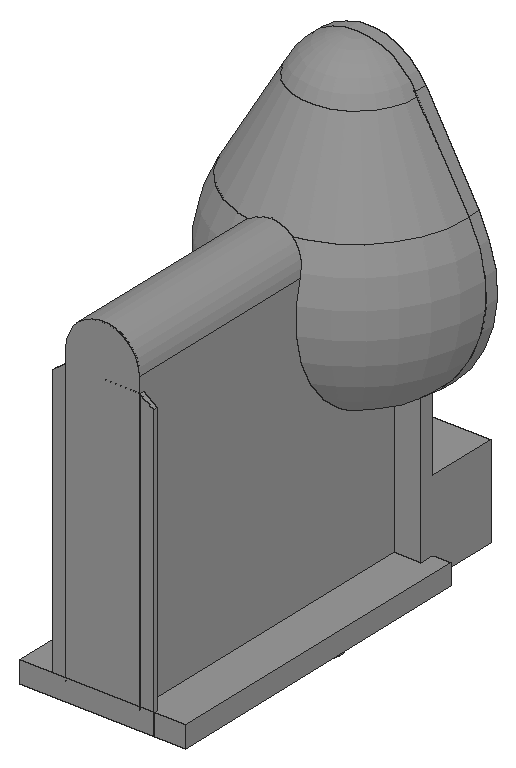
Revit family "Toilet-Willoughby-1490-ETW-FM-BS-HC", category Plumbing Fixtures, host Face, Revit 2014
Parameters (values of type "Standard")
  Waste DIA = 2 1/2"
  Waste Connection = yes
  Vent Connection = no
  URL = "www.willoughby-ind.com"
  Type Comments = "Blowout Series"
  Revision = "A"
  Model = "ETW-1490-FM-BS-HC"
  Manufacturer = "Willoughby Industries"
  HW Connection = no
  Flush Inlet DIA = 1 1/2"
  Flush Inlet Connection = yes
  Fixture Body = Stainless Steel AISI 304-Willoughby
  Description = "HandicapToilet"
  Default Elevation = 0' - 0"
  Contact = "(800) 428-4065"
  CW Connection = no
Reference planes (in)
  plane 1 "Center (Front/Back)": y = 0
  plane 2: z = 0
  plane 3 "Center (Left/Right)": x = 0
  plane 4 "Seat HGT": y = 18
  plane 5 "Top": y = 19
  plane 6: y = 17.25
  plane 7: z = 18.5
  plane 8: z = 14.933
  plane 9: z = 15.30775
  plane 10: x = 7
  plane 11: z = 18.24525
  plane 12: z = 8
  plane 13: z = 10
  plane 14 "Waste HGT": y = 14.5
  plane 15 "Flush HGT": y = 19.75
  plane 16: z = 25.75
  plane 17: x = 4.5
  plane 18: x = -4.5
  plane 19: z = 1.125
  plane 20: z = -3
  plane 21: y = 22
  plane 22: x = 2
  plane 23: x = -2
  plane 24: x = 3.5
  plane 25: x = -3.5
Forms (in)
  Extrusion 1, solid, material "Stainless Steel AISI 304-Willoughby" <- "Fixture Body"
    sketch origin (0, 0, 0) x (1, 0, 0) y (0, 1, 0)
      loop
        line (-4.5, 0) -> (4.5, 0) -> (4.5, 18) -> (-4.5, 18) -> (-4.5, 0)
    from 0 to 1.125
  Revolve 2, solid, material "Stainless Steel AISI 304-Willoughby" <- "Fixture Body"
    sketch origin (-60, 17.25, 55.20755) x (-1, 0, 0) y (0, 0, 1)
      loop
        line (-60, -46.89981) -> (-60, -46.39981)
        arc (-60, -46.39981) -> (-65.42136, -42.59037) -> (-65.23755, -35.96698) r 7
        line (-65.23755, -35.96698) -> (-62.80388, -31.72393) -> (-62.74416, -31.59711)
        arc (-62.74416, -31.59711) -> (-61.61332, -30.35842) -> (-60, -29.89981) r 3.067
        line (-60, -29.89981) -> (-60, -29.39981)
        arc (-60, -29.39981) -> (-61.93389, -29.96955) -> (-63.25, -31.49678) r 3.567
        line (-63.25, -31.49678) -> (-66.0721, -36.41706)
        arc (-66.0721, -36.41706) -> (-66.0572, -43.40842) -> (-60, -46.89981) r 7
      axis (-60, -29.39981) -> (-60, -46.89981)
    angle from 0 to 180
  Extrusion 3, solid, material "Stainless Steel AISI 304-Willoughby" <- "Fixture Body"
    sketch origin (0, 0, 7.20755) x (1, 0, 0) y (0, 0, 1)
      loop
        line (-3.5, 1.93865) -> (-3.5, -6.08255) -> (3.5, -6.08255) -> (3.5, 1.93865)
        arc (3.5, 1.93865) -> (6.77318, 6.23534) -> (6.01269, 11.58294) r 6.99928
        line (6.01269, 11.58294) -> (3.14932, 16.69649)
        arc (3.14932, 16.69649) -> (-0.10896, 18.5408) -> (-3.25, 16.50322) r 3.60945
        line (-3.25, 16.50322) -> (-6.10166, 11.42924)
        arc (-6.10166, 11.42924) -> (-6.75024, 6.14955) -> (-3.5, 1.93865) r 6.99928
      loop
        arc (-4.17861, 9.875) -> (0, 3.42) -> (4.17861, 9.875) r 4.58
        line (4.17861, 9.875) -> (1.45817, 16.45616)
        arc (1.45817, 16.45616) -> (-0.05754, 17.35793) -> (-1.5058, 16.35139) r 1.629
        line (-1.5058, 16.35139) -> (-4.17861, 9.875)
    from -18 to -17.25
  Extrusion 4, solid, material "Stainless Steel AISI 304-Willoughby" <- "Fixture Body"
    sketch origin (0, 0, 7.20827) x (0, 1, 0) y (0, 0, 1)
      loop
        line (0, 10) -> (0, -6.20827) -> (17.25, -6.20827) -> (17.25, 1.50333)
        arc (17.25, 1.50333) -> (12.13093, 4.2568) -> (11.23533, 10) r 6.52933
        line (11.23533, 10) -> (0, 10)
    from 2 to -2
  Revolve 5, solid, material "Stainless Steel AISI 304-Willoughby" <- "Fixture Body"
    sketch origin (0, 19.75, -24) x (0, 0, -1) y (-1, 0, 0)
      loop
        line (-21, 0) -> (-21, 0.75) -> (-25, 0.75) -> (-25, 0) -> (-21, 0)
      axis (-25, 0) -> (-21, 0)
    angle from 0 to 360
  Revolve 6, solid, material "Stainless Steel AISI 304-Willoughby" <- "Fixture Body"
    sketch origin (0, 14.5, -24) x (0, 0, -1) y (-1, 0, 0)
      loop
        line (-25, 0) -> (-21, 0) -> (-21, 1.25) -> (-25, 1.25) -> (-25, 0)
      axis (-25, 0) -> (-21, 0)
    angle from 0 to 360
  Extrusion 7, solid, material "Stainless Steel AISI 304-Willoughby" <- "Fixture Body"
    sketch origin (0, 0, 0) x (1, 0, 0) y (0, 0, 1)
      loop
        line (3.5, 0) -> (3.5, 5) -> (-3.5, 5) -> (-3.5, 0) -> (3.5, 0)
    from -18 to -22
  Extrusion 8, solid, material "Stainless Steel AISI 304-Willoughby" <- "Fixture Body"
    sketch origin (0, 0, 0) x (1, 0, 0) y (0, 0, 1)
      loop
        line (2.75, 0) -> (2.75, 15.84404) -> (1.97095, 16.433) -> (-2.02655, 16.433) -> (-2.75, 15.88607) -> (-2.75, 0) -> (2.75, 0)
    from 0 to -0.25
  Extrusion 9, solid, material "Stainless Steel AISI 304-Willoughby" <- "Fixture Body"
    sketch origin (0, 0, 0) x (1, 0, 0) y (0, 0, 1)
      loop
        arc (2, 17.20827) -> (0, 19.20827) -> (-2, 17.20827) r 2
        line (-2, 17.20827) -> (2, 17.20827)
    from 0 to -11.45573
Cuts and joins
  joined: Extrusion 3, Extrusion 7
  joined: Extrusion 4, Extrusion 9
Lines and regions (in)
  symbolic lines
    curve 1: line (-6.99928, 17.25, 0) -> (-6.99928, 18, 0)
    curve 2: line (-6.99928, 18, 0) -> (6.99928, 18, 0)
    curve 3: line (6.99928, 18, 0) -> (6.99928, 17.25, 0)
    curve 4: arc (6.99928, 17.25, 0) -> (5.61199, 13.06699, 0) -> (2, 10.54198, 0) r 7.00004
    curve 5: arc (-2, 10.5, 0) -> (-5.61336, 13.05014, 0) -> (-6.99928, 17.25, 0) r 7.05654
    curve 6: line (4.5, 11.88868, 0) -> (4.5, 0, 0)
    curve 7: line (4.5, 0, 0) -> (-4.5, 0, 0)
    curve 8: line (-4.5, 0, 0) -> (-4.5, 11.8624, 0)
    curve 9: line (2, 10.54198, 0) -> (2, 0, 0)
    curve 10: line (-2, 0, 0) -> (-2, 10.5, 0)
    curve 11: line (-2.75, 0, 0) -> (-2.75, 0.25, 0)
    curve 12: line (-2.75, 0.25, 0) -> (-2, 0.25, 0)
    curve 13: line (2, 0.25, 0) -> (2.75, 0.25, 0)
    curve 14: line (2.75, 0.25, 0) -> (2.75, 0, 0)
    curve 15: line (-2, 10.5, 0) -> (-2, 10.86373, 0)
    curve 16: line (2, 10.54198, 0) -> (2, 10.86373, 0)
    curve 17: arc (2, 10.86373, 0) -> (1.72801, 11.13343, 0) -> (1.371, 11.27221, 0) r 0.93982
    curve 18: arc (-1.379, 11.27221, 0) -> (-1.72143, 11.11652, 0) -> (-2, 10.86373, 0) r 1.2176
    curve 19: arc (-1.379, 11.27221, 0) -> (-0.004, 11.42848, 0) -> (1.371, 11.27221, 0) r 6.12753
    curve 20: line (-3.5, 18, 0) -> (-3.5, 22, 0)
    curve 21: line (-3.5, 22, 0) -> (3.5, 22, 0)
    curve 22: line (3.5, 22, 0) -> (3.5, 18, 0)
    curve 23: line (-3.5, 0, 9.1462) -> (-3.5, 0, 1.125)
    curve 24: line (-3.5, 0, 1.125) -> (-4.5, 0, 1.125)
    curve 25: line (-4.5, 0, 1.125) -> (-4.5, 0, 0)
    curve 26: line (-4.5, 0, 0) -> (4.5, 0, 0)
    curve 27: line (4.5, 0, 0) -> (4.5, 0, 1.125)
    curve 28: line (4.5, 0, 1.125) -> (3.5, 0, 1.125)
    curve 29: line (3.5, 0, 1.125) -> (3.5, 0, 9.1462)
    curve 30: arc (3.5, 0, 9.1462) -> (6.7665, 0, 13.44017) -> (6.0721, 0, 18.7905) r 7.10069
    curve 31: line (6.0721, 0, 18.7905) -> (3.13372, 0, 23.93162)
    curve 32: arc (3.13372, 0, 23.93162) -> (1.81244, 0, 25.27988) -> (0, 0, 25.80775) r 3.72684
    curve 33: arc (0, 0, 25.80775) -> (-1.94954, 0, 25.26225) -> (-3.25, 0, 23.71078) r 3.42319
    curve 34: line (-3.25, 0, 23.71078) -> (-6.10166, 0, 18.63679)
    curve 35: arc (-6.10166, 0, 18.63679) -> (-6.75024, 0, 13.3571) -> (-3.5, 0, 9.1462) r 6.99928
    curve 36: line (3.5, 0, 5.1356) -> (-3.5, 0, 5.1356)
    curve 42: line (0, 11.45573, 19.20827) -> (0, 0, 19.20827)
    curve 43: line (0, 0, 19.20827) -> (0, 0, 0)
    curve 44: line (0, 0, 0) -> (0, 22, 0)
    curve 45: line (0, 22, 0) -> (0, 22, 5)
    curve 46: line (0, 22, 5) -> (0, 18, 5)
    curve 47: line (0, 18, 5) -> (0, 18, 25.75)
    curve 48: line (0, 18, 25.75) -> (0, 17.25, 25.75)
    curve 49: arc (0, 17.25, 25.75) -> (0, 15.33161, 25.19798) -> (0, 14, 23.71078) r 3.60945
    curve 50: line (0, 14, 23.71078) -> (0, 11.45573, 19.20827)
    curve 51: arc (0, 11.45573, 19.20827) -> (0, 11.05124, 18.02388) -> (0, 10.76664, 16.80512) r 12.55881
    curve 52: arc (0, 10.76664, 16.80512) -> (0, 12.00498, 11.12851) -> (0, 17.25, 8.62908) r 6.60162
    curve 53: line (0, 18, 9.1462) -> (0, 17.25, 9.1462)
    curve 54: line (0, 17.25, 9.1462) -> (0, 17.25, 1.125)
    curve 55: line (0, 17.25, 1.125) -> (0, 0, 1.125)
  symbolic lines, detail levels fine
    curve 37: arc (4.23214, 0, 16.95838) -> (-0.06761, 0, 10.62805) -> (-4.17861, 0, 17.08255) r 4.58
    curve 38: line (-4.17861, 0, 17.08255) -> (-1.5058, 0, 23.55895)
    curve 39: line (1.45817, 0, 23.66371) -> (4.23214, 0, 16.95838)
    curve 40: arc (1.45817, 0, 23.66371) -> (0.87472, 0, 24.35033) -> (0, 0, 24.5665) r 1.46726
    curve 41: arc (0, 0, 24.5665) -> (-0.9059, 0, 24.29138) -> (-1.5058, 0, 23.55895) r 1.629
Dimensions and locks (in)
  host face to plane 9 = 1' - 3.30775"
  plane 7 to level = 1' - 6 1/2"
  plane 5 "Top" to plane 1 "Center (Front/Back)" = 1' - 7"
  plane 4 "Seat HGT" to plane 1 "Center (Front/Back)" = 1' - 6"
  plane 14 "Waste HGT" to plane 1 "Center (Front/Back)" = 1' - 2 1/2"
  plane 1 "Center (Front/Back)" to plane 14 "Waste HGT" = 1' - 2 1/2"
  plane 1 "Center (Front/Back)" to plane 15 "Flush HGT" = 1' - 7 3/4"
  plane 6 to plane 1 "Center (Front/Back)" = 1' - 5 1/4"
  level to plane 16 = 2' - 1 3/4"
  plane 18 to plane 17 = 0' - 9"
  plane 1 "Center (Front/Back)" to plane 4 "Seat HGT" = 1' - 6"
  cut or joined group of Extrusion 3, Extrusion 7 to plane 1 "Center (Front/Back)" = 1' - 10"
  plane 1 "Center (Front/Back)" to plane 21 = 1' - 10"
  plane 18 to plane 3 "Center (Left/Right)" = 0' - 4 1/2"
  plane 21 to plane 1 "Center (Front/Back)" = 1' - 10"
  plane 23 to plane 22 = 0' - 4"
  aligned and locked: plane 2 to host face
  aligned and locked: level to host face
  aligned and locked: plane 17 to Extrusion 1
  aligned and locked: Extrusion 1 to plane 18
  aligned and locked: Extrusion 7 to Extrusion 3
  aligned and locked: Extrusion 7 to level
  aligned and locked: Extrusion 3 to Extrusion 7
  aligned and locked: Extrusion 7 to plane 25
  aligned and locked: Extrusion 3 to plane 25
  aligned and locked: plane 24 to Extrusion 3
Connectors (in)
  piping at (0, 14.5, -3), diameter 2.5, driven by "Waste Connection", driven by "Waste DIA"
    settings: on Revolve 6, index 1, connector inside diameter 24", connector length 0' - 0", flow factor 0, pipe flow 0 GPM, pressure drop 0.00 psi, fitting loss kfactor 0, connector angle 0.00°, fixture units 0, engagement length 0' - 0", angle of deflection 0.00°, flow configuration 0, flow direction 2, fitting loss method 0, system type 16, joint type 0, gender type 0, connector reference index -1, connector utility 1, adjustable connector no, is connector primary yes, connector description "Toilet Waste"
  piping at (0, 19.75, -3), diameter 1.5, driven by "Flush Inlet Connection", driven by "Flush Inlet DIA"
    settings: on Revolve 5, index 2, connector inside diameter 24", connector length 0' - 0", flow factor 0, pipe flow 0 GPM, pressure drop 0.00 psi, fitting loss kfactor 0, connector angle 0.00°, fixture units 0, engagement length 0' - 0", angle of deflection 0.00°, flow configuration 0, flow direction 1, fitting loss method 0, system type 20, joint type 0, gender type 0, connector reference index -1, connector utility 1, adjustable connector no, is connector primary no, connector description "Flush Inlet"
